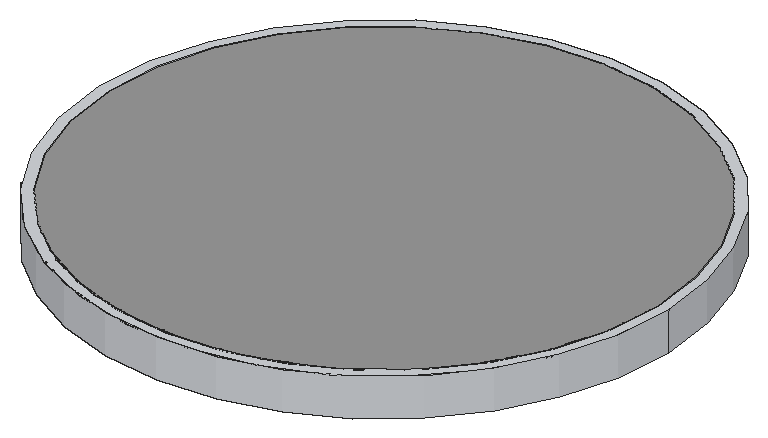
Revit family "2071280", category Lighting Fixtures, host Face, Revit 2018
Family settings
  Host = Face
  Round Connector Dimension = Use Diameter
  Part Type = Normal
  OmniClass Number = 23.80.70.00
  OmniClass Title = Lighting
  Cut with Voids When Loaded = No
  Light Source = Yes
  Shared = No
  Room Calculation Point = No
Parameters (values of type "2071280 COLOSSAL 900 940 PR DIR+H WHT SSC")
  iner diameter = 856 mm
  Weight = "n/a"
  Wattage Comments = ""
  Wattage = 30 W
  WarrantyStartDate [instance] = "n/a"
  WarrantyGuarantorParts = "n/a"
  WarrantyDurationUnit = "n/a"
  WarrantyDurationParts = ""
  WarrantyDescription = "http://www.sylvania-lighting.com"
  built-in parameter 1150110 = 1 (stored number, unit not read)
  Voltage = 230 V
  URL = "0.99"
  TypeName = "COLOSSAL 900mm 940 PRISM DIR+HAL WHITE SSC"
  Type Image = <None>
  Type Comments = "n/a"
  built-in parameter 1114217 = 1 (stored number, unit not read)
  Tilt Angle = -90.00°
  built-in parameter 1150109 = 1 (stored number, unit not read)
  built-in parameter 1150134 = (empty or 0)
  built-in parameter 1150113 = 1 (stored number, unit not read)
  SerialNumber [instance] = "n/a"
  Photometric Web File = "2071280.ies"
  Material_3_SYL = LED-Sylvania
  PowerFactor = 0
  PowerConsumption = "Lighting"
  NominalLength = 888 mm
  NominalHeight = 93 mm
  NominalDepth = 888 mm
  Name = "COLOSSAL 900mm 940 PRISM DIR+HAL WHITE SSC"
  ModelReference = Name  # "COLOSSAL 900mm 940 PRISM DIR+HAL WHITE SSC"
  ModelNumber = "2071280"
  Model = Name  # "COLOSSAL 900mm 940 PRISM DIR+HAL WHITE SSC"
  Material = "Feilo Sylvania"
  ManufacturerName = "120 lm/W"
  Manufacturer = ""
  LuminousEfficacy = ""
  built-in parameter 1150105 = 270.44 (stored number, unit not read)
  Lumens = 3398.4 lm
  LuminaireType = "0"
  built-in parameter 1150115 = 1 (stored number, unit not read)
  LightOutputRatio = "LED"
  built-in parameter 1150137 = (empty or 0)
  built-in parameter 1150139 = (empty or 0)
  LampsType = Lamp  # "n/a"
  LampNominalLuminous = "4000 K"
  LampMacAdamStep = "90"
  LampColourTemperature = "LED"
  LampColourRenderingIndex = "16500"
  built-in parameter 1150112 = 1 (stored number, unit not read)
  built-in parameter 1150114 = 1 (stored number, unit not read)
  Lamp = "n/a"
  Keynote = "n/a"
  InstallationDate [instance] = "n/a"
  InputVoltage = "0"
  InputNominalFrequency = "4000"
  built-in parameter 1150132 = (empty or 0)
  built-in parameter 1150102 = (empty or 0)
  built-in parameter 1150107 = 3000 (stored number, unit not read)
  built-in parameter 1150138 = (empty or 0)
  IngressProtection = "IfcLightFixtureType"
  ImpactProtectionIndex = "IfcLightFixtureType"
  built-in parameter 1150106 = 2.7044 (stored number, unit not read)
  IfcExportType = "IfcLightFixtureType"
  IfcExportAs = "Class I"
  Emit from Circle Diameter = 385 mm
  Emit Shape Visible in Rendering = no
  ElectricShockClassification = "120"
  built-in parameter 1150104 = 10.524 (stored number, unit not read)
  DocumentationLiterature = "http://www.sylvania-lighting.com/product/en-int/products/2071280"
  DimmingControlOptions = "n/a"
  Material_2_SYL = Polycarbonate_Sylvania_White
  Dimming Lamp Color Temperature Shift = <None>
  Description = "900mm diameter circular architectural luminaire, can be surface mounted or suspended. Powder coated aluminium housing (RAL9016) with PMMA prismatic diffuser. Direct/indirect (halo) light distribution, 7055lm luminuous flux, 58.7W system power, 120lm/W luminiaire efficacy. Sylsmart Standalone enabled. Colour rendering index Ra >90, 4000K Neutral White LED, chromaticity tolerance of 3-step MacAdam ellipse. IP40/IP20, IK03. 350mA drive current. UGR≤19. Electrical protection Class1, 220-240V. Reported lifetime 66k hours L90B10."
  Default Elevation = 1219.2 mm
  CreatedOn = "23/03/2022"
  CreatedBy = "@sylvania-lighting.com"
  Cost = 0
  Color Filter = 16777215
  built-in parameter 1114216 [instance] = (empty or 0)
  ClassificationValue = "EF_70_80"
  ClassificationName = "Uniclass2015"
  Material_1_SYL = Polycarbonate_Sylvania_Opal
  BarCode [instance] = "n/a"
  built-in parameter 1114218 = 1 (stored number, unit not read)
  built-in parameter 1150133 = 10 (stored number, unit not read)
  AssetType = "Fixed"
  AssetIdentifier [instance] = "n/a"
  Assembly Code = "D5020200"
  Apparent Load = 58.7 VA
  Material_4_SYL = none
Reference planes
  plane 1 "Center (Front/Back)": y = 0
  plane 2: z = 0
  plane 3 "Center (Left/Right)": x = 0
  plane 4: z = 1.161
  plane 5: z = 16.161
  plane 6: x = -444
  plane 7: x = 444
  plane 8: y = 444
  plane 9: y = -444
  plane 10: y = 236
  plane 11: y = -236
  plane 12: x = 85
  plane 13: x = -85
  plane 14: through (0, 0, 1219.2) normal (0.5, 0.866, 0)
  plane 15: through (42.5, 73.612, 1219.2) normal (0.5, 0.866, 0)
  plane 16: through (-42.5, -73.612, 1219.2) normal (0.5, 0.866, 0)
  plane 17: through (0, 0, 1219.2) normal (0.5, -0.866, 0)
  plane 18: through (-42.5, 73.612, 1219.2) normal (0.5, -0.866, 0)
  plane 19: through (42.5, -73.612, 1219.2) normal (0.5, -0.866, 0)
  plane 20: z = 93
  plane 21: y = 428
  plane 22: y = -428
Forms (mm)
  Extrusion 1, solid, detail levels medium+fine
    sketch origin (0, 0, 0) x (0.866025, -0.5, 0) y (0.5, 0.866025, 0)
      loop
        circle (-50, 86.603) r 22
    from 0 to 2
  Extrusion 2, solid, detail levels medium+fine
    sketch origin (0, 0, 0) x (0.866025, -0.5, 0) y (0.5, 0.866025, 0)
      loop
        circle (100, 0) r 22
      loop
        circle (-50, -86.603) r 22
    from 0 to 2
  Blend 3, solid, detail levels medium+fine
    base sketch origin (0, 0, 0) x (1, 0, 0) y (0, 1, 0)
      loop
        line (-85, 236) -> (-246.882, -44.388) -> (-161.882, -191.612) -> (161.882, -191.612) -> (246.882, -44.388) -> (85, 236) -> (-85, 236)
    top sketch origin (0, 0, 0) x (1, 0, 0) y (0, 1, 0)
      loop
        line (-85, 283.076) -> (-287.651, -67.926) -> (-207.792, -218.119) -> (207.792, -218.119) -> (292.5, -71.401) -> (85, 283.076) -> (-85, 283.076)
    from 0 to 33.022
  Extrusion 4, solid, detail levels medium+fine
    sketch origin (0, 0, 0) x (1, 0, 0) y (0, 1, 0)
      loop
        circle (0, 0) r 444
    from 33.022 to 93
  Extrusion 5, void
    sketch origin (0, 0, 0) x (1, 0, 0) y (0, 1, 0)
      loop
        circle (0, 0) r 428
    from 96.588 to 37.292
  Extrusion 6, solid, material "Glass, White, High Luminance", detail levels fine
    sketch origin (0, 0, 0) x (1, 0, 0) y (0, 1, 0)
      loop
        circle (0, 0) r 428
    from 87.991 to 93
  Extrusion 7, solid, detail levels coarse
    sketch origin (0, 0, 0) x (1, 0, 0) y (0, 1, 0)
      loop
        line (-444, 444) -> (-444, -444) -> (444, -444) -> (444, 444) -> (-444, 444)
    from 0 to 93.648
Cuts and joins
  Extrusion 5 cuts Extrusion 1
  Extrusion 5 cuts Extrusion 2
  Extrusion 5 cuts Blend 3
  Extrusion 5 cuts Extrusion 4
Lines and regions (mm)
  model lines, detail levels medium+fine
    curve 1: circle (0, 0, 0) r 100 normal (0, 0, 1)
Dimensions and locks
  "NominalDepth": plane 8 to plane 9
  plane 8 to plane 1 "Center (Front/Back)" to plane 9 = 444 mm, 444 mm
  "NominalLength": plane 6 to plane 7
  equal spacing: plane 6, plane 3 "Center (Left/Right)", plane 7
  "NominalHeight": level to plane 20
  "iner diameter": plane 21 to plane 22
  equal spacing: plane 21, plane 1 "Center (Front/Back)", plane 22
  aligned and locked: plane 2 to host face
  aligned and locked: level to host face
Automatic sketch dimensions
  host sketch curve to host sketch curve = 2438.4 mm  (x2)
  Extrusion 1 sketch curve to plane 3 "Center (Left/Right)" = 0 mm
  Extrusion 1 sketch curve to plane 1 "Center (Front/Back)" = 100 mm
  plane 1 "Center (Front/Back)" to Extrusion 2 sketch curve = 50 mm
  Extrusion 2 sketch curve to plane 3 "Center (Left/Right)" = 86.603 mm
  Extrusion 2 sketch curve to Extrusion 2 sketch curve = 150 mm
  Extrusion 2 sketch curve to Extrusion 2 sketch curve = 86.603 mm
  plane 1 "Center (Front/Back)" to curve 1 = 0 mm
  curve 1 to plane 3 "Center (Left/Right)" = 0 mm
  plane 18 to Blend 3 sketch curve = 0 mm  (x2)
  plane 19 to Blend 3 sketch curve = 0 mm  (x2)
  Blend 3 sketch curve to plane 10 = 0 mm
  Blend 3 sketch curve to plane 13 = 0 mm  (x2)
  Blend 3 sketch curve to plane 12 = 0 mm  (x2)
  Blend 3 sketch curve to plane 16 = 0 mm  (x2)
  Blend 3 sketch curve to plane 15 = 0 mm
  plane 11 to Blend 3 sketch curve = 44.388 mm
  plane 1 "Center (Front/Back)" to Blend 3 sketch curve = 44.388 mm  (x2)
  plane 11 to Blend 3 sketch curve = 17.881 mm
  plane 1 "Center (Front/Back)" to Blend 3 sketch curve = 67.926 mm
  plane 1 "Center (Front/Back)" to Blend 3 sketch curve = 71.401 mm
  Blend 3 sketch curve to plane 7 = 151.5 mm
  plane 10 to Blend 3 sketch curve = 47.076 mm
  plane 1 "Center (Front/Back)" to Extrusion 4 sketch curve = 0 mm
  Extrusion 4 sketch curve to plane 3 "Center (Left/Right)" = 0 mm
  plane 1 "Center (Front/Back)" to Extrusion 5 sketch curve = 0 mm
  Extrusion 5 sketch curve to plane 3 "Center (Left/Right)" = 0 mm
  plane 1 "Center (Front/Back)" to Extrusion 6 sketch curve = 0 mm
  Extrusion 6 sketch curve to plane 3 "Center (Left/Right)" = 0 mm
  Extrusion 7 sketch curve to plane 6 = 0 mm
  Extrusion 7 sketch curve to plane 7 = 0 mm
  Extrusion 7 sketch curve to plane 9 = 0 mm
  Extrusion 7 sketch curve to plane 8 = 0 mm
  radius of Extrusion 1 sketch curve = 22 mm
  radius of Extrusion 2 sketch curve = 22 mm  (x2)
  radius of curve 1 = 100 mm
  radius of Extrusion 4 sketch curve = 444 mm
  radius of Extrusion 5 sketch curve = 428 mm
  radius of Extrusion 6 sketch curve = 428 mm
Connectors
  electrical at (0, 0, 0), driven by "Apparent Load", driven by "PowerFactor", driven by "Voltage"
    settings: index 1, voltage 230 V, apparent load 58.7 VA, apparent load phase1 0 VA, apparent load phase2 0 VA, apparent load phase3 0 VA, power factor 0, load classification "Lighting", number of poles 1, system type 30, power factor state 1, is connector primary yes, connector utility no, sub classification motor no, connector description ""
